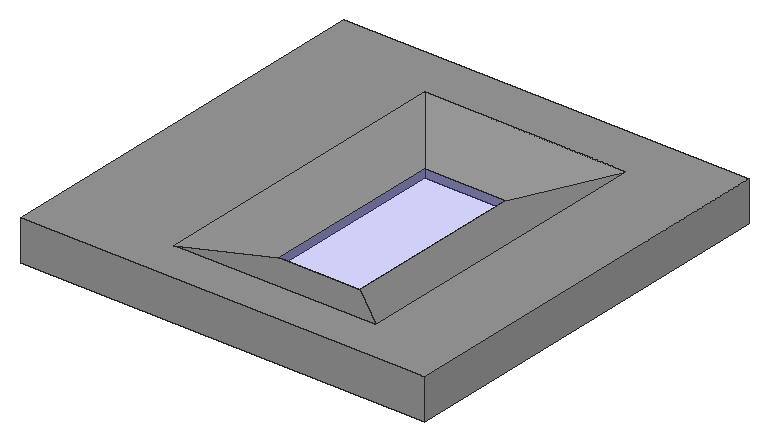
Revit family "NM_family_FlaredIntrados", category Generic Models, Revit 2013
Parameters
  top [instance] = 0.50 m
  right [instance] = 0.80 m
  left [instance] = 1.20 m
  glass [instance] = Glass
  finishing_wall_ext [instance] = Concrete, Broom Finish
  bottom [instance] = 0.40 m
Reference planes (m)
  plane 1 "Center (Front/Back)": y = 0
  plane 2: z = 0
  plane 3 "Center (Left/Right)": x = 0
  plane 4: x = -2
  plane 5: x = 2
  plane 6: y = -2
  plane 7: y = 2
  plane 8: z = 0.4
  plane 9: x = -0.4
  plane 10: x = 0.4
  plane 11: y = -0.8
  plane 12: y = 1
  plane 13: y = 1.5
  plane 14: y = -1.6
  plane 15: x = -0.8
  plane 16: x = 1.2
  plane 17: z = 0.08
  plane 18: z = 0
Forms (m)
  Extrusion 1, solid, material "Concrete, Broom Finish" <- "finishing_wall_ext"
    sketch origin (0, 0, 0) x (1, 0, 0) y (0, 1, 0)
      loop
        line (-2, 2) -> (-2, -2) -> (2, -2) -> (2, 2) -> (-2, 2)
    from 0 to 0.4
  Blend 2, void
    base sketch origin (0, 0, 0) x (1, 0, 0) y (0, 1, 0)
      loop
        line (-0.4, 1) -> (-0.4, -0.8) -> (0.4, -0.8) -> (0.4, 1) -> (-0.4, 1)
    top sketch origin (0, 0, 0) x (1, 0, 0) y (0, 1, 0)
      loop
        line (-0.8, 1.5) -> (-0.8, -1.6) -> (1.2, -1.6) -> (1.2, 1.5) -> (-0.8, 1.5)
    from 0.08 to 0.4
  Extrusion 3, void
    sketch origin (0, 0, 0) x (1, 0, 0) y (0, 1, 0)
      loop
        line (-0.4, 1) -> (-0.4, -0.8) -> (0.4, -0.8) -> (0.4, 1) -> (-0.4, 1)
    from 0 to 0.08
  Extrusion 4, solid, material "Glass" <- "glass"
    sketch origin (0, 0, 0) x (1, 0, 0) y (0, 1, 0)
      loop
        line (-0.4, 1) -> (-0.4, -0.8) -> (0.4, -0.8) -> (0.4, 1) -> (-0.4, 1)
    from 0 to 0.08
Cuts and joins
  Blend 2, Extrusion 3 cuts Extrusion 1
Dimensions and locks (m)
  equal spacing: plane 4, plane 3 "Center (Left/Right)", plane 5
  plane 4 to plane 5 = 4.00 m
  equal spacing: plane 7, plane 1 "Center (Front/Back)", plane 6
  plane 6 to plane 7 = 4.00 m
  plane 8 to plane 2 = 0.40 m
  equal spacing: plane 9, plane 3 "Center (Left/Right)", plane 10
  locked: plane 9 to plane 10 at 0.8
  plane 6 to plane 11 to plane 12 = 1.20 m locked, 1.80 m locked
  "top": plane 7 to plane 13
  "bottom": plane 6 to plane 14
  "left": plane 4 to plane 15
  "right": plane 16 to plane 5
  plane 17 to plane 18 = 0.08 m
  Extrusion 3 sketch curve to Extrusion 3 sketch curve to plane 7 = 1.80 m, 1.00 m
  aligned and locked: level to plane 2
  aligned and locked: plane 7 to Extrusion 1
  aligned and locked: plane 5 to Extrusion 1
  aligned and locked: plane 6 to Extrusion 1
  aligned and locked: Extrusion 1 to plane 4
  aligned and locked: Blend 2 sketch curve to plane 10
  aligned and locked: plane 9 to Blend 2 sketch curve
  aligned and locked: Blend 2 sketch curve to plane 12
  aligned and locked: plane 11 to Blend 2 sketch curve
  aligned and locked: plane 13 to Blend 2 sketch curve
  aligned and locked: plane 15 to Blend 2 sketch curve
  aligned and locked: plane 14 to Blend 2 sketch curve
  aligned and locked: Blend 2 sketch curve to plane 16
  aligned and locked: plane 8 to cut or joined group of Extrusion 1, Blend 2, Extrusion 3
  aligned and locked: plane 17 to cut or joined group of Extrusion 1, Blend 2, Extrusion 3  (x2)
  aligned and locked: Extrusion 4 sketch curve to cut or joined group of Extrusion 1, Blend 2, Extrusion 3  (x3)
  aligned and locked: Extrusion 4 to plane 17
Automatic sketch dimensions
  plane 4 to Extrusion 1 sketch curve = 0.00 m
  Extrusion 1 sketch curve to plane 6 = 0.00 m
  Extrusion 1 sketch curve to plane 5 = 0.00 m
  Extrusion 1 sketch curve to plane 7 = 0.00 m
  Extrusion 3 sketch curve to plane 3 "Center (Left/Right)" = 0.40 m
  plane 3 "Center (Left/Right)" to Extrusion 3 sketch curve = 0.40 m
  plane 1 "Center (Front/Back)" to Extrusion 4 sketch curve = 0.80 m
